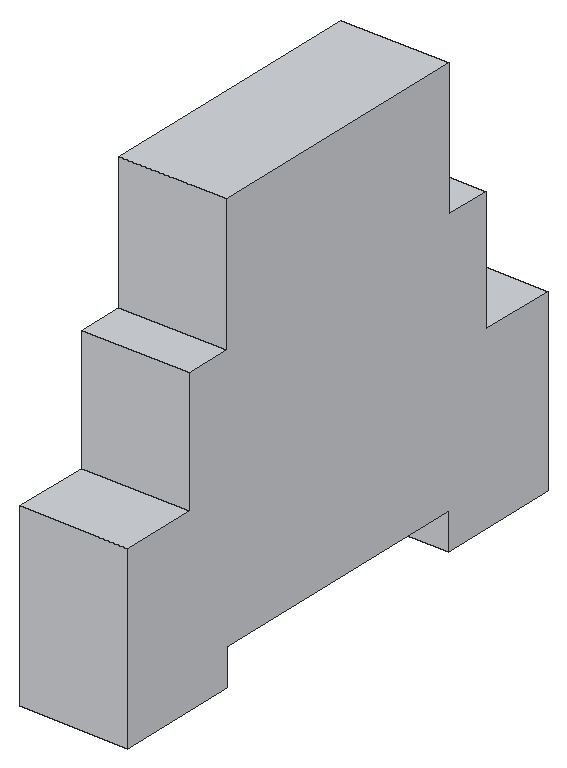
Revit family "Power-ModularDevices-GEWISS-90AM-TIMER", category Apparecchi elettrici, host Superficie, Revit 2016
Family settings
  Host = Superficie
  Mantenere orientamento annotazione = Sì
  Tipo di parte = Normale
  Quota connettore circolare = Usa diametro
  Numero OmniClass = 23.80.50.00
  Titolo OmniClass = Terminals for Power Supply
  Taglio con vuoti quando caricato = No
  Condiviso = No
  Punto di calcolo locali = Sì
Parameters (values of type "GW96815 - ASYMMETRICAL TIMER")
  potenza in watt = 0 V
  carico = Altro
  Version file RFA = "18.0"
  URL = "https://www.gewiss.com/ww/en"
  Type: = "Asymmetric cycle"
  Type of contacts = "1 Changeover"
  Type = "Asymmetric cycle"
  Technical sheet = "https://www.gewiss.com/ww/en/search?q=GW96815"
  TIPO = GENERICO - 90AM TEMPORIZZATORI : GW96815 Temporizzatore a ciclo asimmetrico - 12…240Vac/dc - 1M
  Spostamento_x = -3300 mm
  SS [instance] = 69.967 mm
  SIMBOLO IN PIANTA [instance] = yes
  SEO = "Timer"
  Regulation field: = "0.05 s - 100 h"
  Regulation field = "0.05 s - 100 h"
  Realized by GEWISS S.p.A. = ""
  Rated voltage = ""
  Rated coil voltage (V) = "12....240 ac/dc"
  Default Elevation = 1219.2 mm
  Produttore = "GEWISS S.p.A."
  Numero di poli = 1
  Spost_x_eff [instance] = 4000 mm + Spostamento_x  # 700 mm
  No. of modules EN 50022 = "1"
  No. Chorus modules = "1"
  Modello = "GW96815"
  Immagine tipo = GW96815.jpg
  IFC.TypeObject = ""
  IFC.ExportType = ""
  IFC.ExportAs = ""
  IDT = "bd5a74f1-e94d-4260-9f48-b7ba93ba89da"
  IDF = "10748350-1a66-4b6d-9d19-cdfde2de801f"
  Electrocod = "140"
  EAN code = "8011564760028"
  Descrizione = "ASYMMETRICAL TIMER"
  Contacts = "1 Changeover"
  Contact rating - In = "8A"
  Catalogue Range = "90 AM"
  Catalogue = "POWER"
  COBie.Tagnumber = ""
  COBie.CreatedOn = ""
  COBie.CreatebBy = ""
  COBie.ComponentRegisterItemID = ""
  COBie.Component.TagNumber = ""
  COBie.Component.Space = ""
  COBie.Component.SerialNumber = ""
  COBie.Component.InstallationDate = ""
  COBie.Component.Description = ""
  COBie.Component.BarCode = ""
  Barra_DIN = 0 mm
Reference planes
  plane 1 "Centro (Fronte/Retro)": y = 0
  plane 2: z = 0
  plane 3 "Centro (Sinistra/Destra)": x = 0
  plane 4: z = 0
  plane 5: x = -700
  plane 6: x = 0
  plane 7: y = 69.967
Dimensions and locks
  "Barra_DIN": host face to plane 4
  plane 5 to plane 3 "Centro (Sinistra/Destra)" = 700 mm
  "Spost_x_eff": plane 5 to plane 6
  "SS": plane 1 "Centro (Fronte/Retro)" to plane 7
  aligned and locked: plane 2 to host face
  aligned and locked: level to host face
  aligned and locked: plane 6 to nested 1
  aligned and locked: nested 1 to plane 7
  aligned and locked: plane 3 "Centro (Sinistra/Destra)" to nested 2
  aligned and locked: plane 1 "Centro (Fronte/Retro)" to nested 2
Automatic sketch dimensions
  host sketch curve to host sketch curve = 6519.2 mm
  host sketch curve to host sketch curve = 4328.142 mm
Nested families
  nested 1: "MANOVRA" at (0, 69.967, 0), visible <- "SIMBOLO IN PIANTA", type "MANOVRA"
  nested 2: "GENERICO - 90AM TEMPORIZZATORI" at (0, 0, 0), type <- "TIPO", type "GW96815 Temporizzatore a ciclo asimmetrico - 12…240Vac/dc - 1M"
Definition of nested family "GENERICO - 90AM TEMPORIZZATORI"
  Parameters (values of type "GW96815 Temporizzatore a ciclo asimmetrico - 12…240Vac/dc - 1M")
    h_barra din = if(Altezza barre = 1 mm, 69.9 mm, if(Altezza barre = 2 mm, 115.8 mm, 0 mm))  # 0 mm
    TIPO = 15
    H = if(AB_O = 1, AB_V, if(AB_O = 2, AB_H, 50.8 mm))  # 50.8 mm
    GW96815 = TIPO = 15  # yes
    GW96814 = TIPO = 0  # no
    GW96813 = TIPO = 13  # no
    GW96810 = TIPO = 10  # no
    Dist barra din = 0 mm  # constant formula
    C1 = 49 mm  # constant formula
    C = 65 mm  # constant formula
    B = 85 mm  # constant formula
    Altezza barre = 5 mm  # constant formula
    AB_V = 3 mm  # constant formula
    AB_H = 5 mm  # constant formula
    AB_O = 0  # constant formula
    A2 = 12.5 mm  # constant formula
    A = 17.5 mm  # constant formula
  Types (5, lengths in mm): name | TIPO | GW96815 | GW96813 | GW96810
    GW96815 Temporizzatore a ciclo asimmetrico - 12…240Vac/dc - 1M | 15 | yes | no | no
    GW96809 Temporizzatore luce scale - 230Vac - 1M | 15 | yes | no | no
    GW96814 Temporizzatore multifunzione - 24…240Vac/dc - 1M | 15 | yes | no | no
    GW96813 Temporizzatore luci scale con preavviso di spegnimento - 230Vac - 1M | 13 | no | yes | no
    GW96810 Temporizzatore luce scale - 30s - 20min - 1M | 10 | no | no | yes
  Reference planes
    plane 1 "Centro (Fronte/Retro)": y = 0
    plane 2: z = 0
    plane 3 "Centro (Sinistra/Destra)": x = 0
    plane 4: y = -42.5
    plane 5: y = 42.5
    plane 6: z = 0
    plane 7: z = -6
    plane 8 "top": z = 65
    plane 9 "incasso": z = 43
    plane 10: y = -22.5
    plane 11: y = 22.5
    plane 12: x = -8.75
    plane 13: x = 8.75
    plane 14: through (4267.2, -42.5, 9) normal (0, -0.1901, 0.9818)
    plane 15 "retro": z = 23
    plane 16: y = -30
    plane 17: y = 30
  Forms (mm)
    Extrusion 1, solid
      sketch origin (0, 0, 0) x (0, 1, 0) y (0, 0, 1)
        loop
          line (-22.5, 0) -> (22.5, 0) -> (22.5, -6) -> (42.5, -6) -> (42.5, 23) -> (30, 23) -> (30, 43) -> (22.5, 43) -> (22.5, 65) -> (-22.5, 65) -> (-22.5, 43) -> (-30, 43) -> (-30, 23) -> (-42.5, 23) -> (-42.5, -6) -> (-22.5, -6) -> (-22.5, 0)
      from -8.75 to 8.75
  Lines and regions (mm)
    symbolic lines
      curve 1: line (0, 0, 15) -> (0, 0, -6)
      curve 2: line (0, -22.5, 0) -> (0, 22.5, 0)
    model lines, visible <- "GW96810"
      curve 3: line (7.678, -21.25, 65) -> (-7.822, -21.25, 65)
      curve 4: line (-7.822, -21.25, 65) -> (-7.822, 21.75, 65)
      curve 5: line (-7.822, 21.75, 65) -> (7.678, 21.75, 65)
      curve 6: line (7.678, 21.75, 65) -> (7.678, -21.25, 65)
      curve 7: line (-4.387, 19.297, 65) -> (-4.387, 17.583, 65)
      curve 8: line (-4.387, 17.583, 65) -> (-4.961, 17.583, 65)
      curve 9: line (-4.961, 17.583, 65) -> (-5.294, 17.625, 65)
      curve 10: line (-5.294, 17.625, 65) -> (-5.702, 17.805, 65)
      curve 11: line (-5.702, 17.805, 65) -> (-6.025, 18.106, 65)
      curve 12: line (-6.025, 18.106, 65) -> (-6.239, 18.51, 65)
      curve 13: line (-6.239, 18.51, 65) -> (-6.305, 18.941, 65)
      curve 14: line (-6.305, 18.941, 65) -> (-6.241, 19.338, 65)
      curve 15: line (-6.241, 19.338, 65) -> (-6.069, 19.689, 65)
      curve 16: line (-6.069, 19.689, 65) -> (-5.761, 20.008, 65)
      curve 17: line (-5.761, 20.008, 65) -> (-5.387, 20.203, 65)
      curve 18: line (-5.387, 20.203, 65) -> (-4.967, 20.272, 65)
      curve 19: line (-4.967, 20.272, 65) -> (-4.387, 20.272, 65)
      curve 20: line (-4.387, 20.272, 65) -> (-4.387, 19.533, 65)
      curve 21: line (-4.387, 19.533, 65) -> (-5.362, 19.533, 65)
      curve 22: line (-5.362, 19.533, 65) -> (-5.362, 18.322, 65)
      curve 23: line (-5.362, 18.322, 65) -> (-5.125, 18.322, 65)
      curve 24: line (-5.125, 18.322, 65) -> (-5.125, 19.297, 65)
      curve 25: line (-5.125, 19.297, 65) -> (-4.387, 19.297, 65)
      curve 26: line (-2.068, 17.583, 65) -> (-4.151, 17.583, 65)
      curve 27: line (-4.151, 17.583, 65) -> (-4.151, 20.272, 65)
      curve 28: line (-4.151, 20.272, 65) -> (-3.043, 20.272, 65)
      curve 29: line (-3.043, 20.272, 65) -> (-3.043, 19.533, 65)
      curve 30: line (-3.043, 19.533, 65) -> (-3.413, 19.533, 65)
      curve 31: line (-3.413, 19.533, 65) -> (-3.413, 19.297, 65)
      curve 32: line (-3.413, 19.297, 65) -> (-2.068, 19.297, 65)
      curve 33: line (-2.068, 19.297, 65) -> (-2.068, 18.558, 65)
      curve 34: line (-2.068, 18.558, 65) -> (-3.412, 18.558, 65)
      curve 35: line (-3.412, 18.558, 65) -> (-3.412, 18.322, 65)
      curve 36: line (-3.412, 18.322, 65) -> (-2.068, 18.322, 65)
      curve 37: line (-2.068, 18.322, 65) -> (-2.068, 17.583, 65)
      curve 38: line (1.699, 17.583, 65) -> (1.699, 19.297, 65)
      curve 39: line (1.699, 19.297, 65) -> (0.96, 19.297, 65)
      curve 40: line (0.96, 19.297, 65) -> (0.96, 17.583, 65)
      curve 41: line (0.96, 17.583, 65) -> (1.699, 17.583, 65)
      curve 42: line (-0.775, 17.583, 65) -> (-0.554, 18.691, 65)
      curve 43: line (-0.554, 18.691, 65) -> (-0.332, 17.583, 65)
      curve 44: line (-0.332, 17.583, 65) -> (0.406, 17.583, 65)
      curve 45: line (0.406, 17.583, 65) -> (0.864, 19.533, 65)
      curve 46: line (0.864, 19.533, 65) -> (1.699, 19.533, 65)
      curve 47: line (1.699, 19.533, 65) -> (1.699, 20.272, 65)
      curve 48: line (1.699, 20.272, 65) -> (0.281, 20.272, 65)
      curve 49: line (0.281, 20.272, 65) -> (0.015, 19.134, 65)
      curve 50: line (0.015, 19.134, 65) -> (-0.17, 20.272, 65)
      curve 51: line (-0.17, 20.272, 65) -> (-0.938, 20.272, 65)
      curve 52: line (-0.938, 20.272, 65) -> (-1.123, 19.134, 65)
      curve 53: line (-1.123, 19.134, 65) -> (-1.388, 20.272, 65)
      curve 54: line (-1.388, 20.272, 65) -> (-2.807, 20.272, 65)
      curve 55: line (-2.807, 20.272, 65) -> (-2.807, 19.533, 65)
      curve 56: line (-2.807, 19.533, 65) -> (-1.972, 19.533, 65)
      curve 57: line (-1.972, 19.533, 65) -> (-1.515, 17.583, 65)
      curve 58: line (-1.515, 17.583, 65) -> (-0.775, 17.583, 65)
      curve 59: line (4.018, 20.272, 65) -> (1.935, 20.272, 65)
      curve 60: line (1.935, 20.272, 65) -> (1.935, 18.558, 65)
      curve 61: line (1.935, 18.558, 65) -> (3.28, 18.558, 65)
      curve 62: line (3.28, 18.558, 65) -> (3.28, 18.322, 65)
      curve 63: line (3.28, 18.322, 65) -> (1.935, 18.322, 65)
      curve 64: line (1.935, 18.322, 65) -> (1.935, 17.583, 65)
      curve 65: line (1.935, 17.583, 65) -> (4.018, 17.583, 65)
      curve 66: line (4.018, 17.583, 65) -> (4.018, 19.297, 65)
      curve 67: line (4.018, 19.297, 65) -> (2.674, 19.297, 65)
      curve 68: line (2.674, 19.297, 65) -> (2.674, 19.533, 65)
      curve 69: line (2.674, 19.533, 65) -> (4.018, 19.533, 65)
      curve 70: line (4.018, 19.533, 65) -> (4.018, 20.272, 65)
      curve 71: line (4.255, 20.272, 65) -> (4.255, 18.558, 65)
      curve 72: line (4.255, 18.558, 65) -> (5.508, 18.558, 65)
      curve 73: line (5.508, 18.558, 65) -> (5.508, 18.322, 65)
      curve 74: line (5.508, 18.322, 65) -> (4.255, 18.322, 65)
      curve 75: line (4.255, 18.322, 65) -> (4.255, 17.583, 65)
      curve 76: line (4.255, 17.583, 65) -> (4.993, 17.583, 65)
      curve 77: line (4.993, 17.583, 65) -> (5.42, 17.72, 65)
      curve 78: line (5.42, 17.72, 65) -> (5.695, 17.9, 65)
      curve 79: line (5.695, 17.9, 65) -> (6.01, 18.287, 65)
      curve 80: line (6.01, 18.287, 65) -> (6.157, 18.72, 65)
      curve 81: line (6.157, 18.72, 65) -> (6.161, 19.105, 65)
      curve 82: line (6.161, 19.105, 65) -> (6.121, 19.297, 65)
      curve 83: line (6.121, 19.297, 65) -> (4.993, 19.297, 65)
      curve 84: line (4.993, 19.297, 65) -> (4.993, 19.533, 65)
      curve 85: line (4.993, 19.533, 65) -> (6.02, 19.533, 65)
      curve 86: line (6.02, 19.533, 65) -> (5.887, 19.756, 65)
      curve 87: line (5.887, 19.756, 65) -> (5.695, 19.956, 65)
      curve 88: line (5.695, 19.956, 65) -> (5.427, 20.131, 65)
      curve 89: line (5.427, 20.131, 65) -> (5.148, 20.233, 65)
      curve 90: line (5.148, 20.233, 65) -> (4.834, 20.272, 65)
      curve 91: line (4.834, 20.272, 65) -> (4.255, 20.272, 65)
      curve 436: circle (-3.363, 34.462, 23) r 2 normal (0, 0, 1)
      curve 437: circle (3.423, 34.462, 23) r 2 normal (0, 0, 1)
      curve 438: circle (-3.723, -35.645, 23) r 2 normal (0, 0, 1)
      curve 439: circle (3.063, -35.645, 23) r 2 normal (0, 0, 1)
    model lines, visible <- "GW96814"
      curve 92: line (-4.784, 12.162, 65) -> (-4.784, 17.838, 65)
      curve 93: line (-4.784, 17.838, 65) -> (-2.953, 17.838, 65)
      curve 94: line (-2.953, 17.838, 65) -> (-2.953, 12.162, 65)
      curve 95: line (-2.953, 12.162, 65) -> (-4.784, 12.162, 65)
      curve 96: line (-4.784, -17.838, 65) -> (-4.784, -12.162, 65)
      curve 97: line (-4.784, -12.162, 65) -> (-2.953, -12.162, 65)
      curve 98: line (-2.953, -12.162, 65) -> (-2.953, -17.838, 65)
      curve 99: line (-2.953, -17.838, 65) -> (-4.784, -17.838, 65)
      curve 440: line (3.387, 36.505, 23) -> (4.385, 36.237, 23)
      curve 441: line (4.385, 36.237, 23) -> (5.116, 35.507, 23)
      curve 442: line (5.116, 35.507, 23) -> (5.383, 34.509, 23)
      curve 443: line (5.383, 34.509, 23) -> (5.116, 33.511, 23)
      curve 444: line (5.116, 33.511, 23) -> (4.385, 32.78, 23)
      curve 445: line (4.385, 32.78, 23) -> (3.387, 32.513, 23)
      curve 446: line (3.387, 32.513, 23) -> (2.389, 32.78, 23)
      curve 447: line (2.389, 32.78, 23) -> (1.658, 33.511, 23)
      curve 448: line (1.658, 33.511, 23) -> (1.391, 34.509, 23)
      curve 449: line (1.391, 34.509, 23) -> (1.658, 35.507, 23)
      curve 450: line (1.658, 35.507, 23) -> (2.389, 36.237, 23)
      curve 451: line (2.389, 36.237, 23) -> (3.387, 36.505, 23)
      curve 452: line (-3.778, -37.729, 23) -> (-2.78, -37.462, 23)
      curve 453: line (-2.78, -37.462, 23) -> (-2.049, -36.731, 23)
      curve 454: line (-2.049, -36.731, 23) -> (-1.782, -35.733, 23)
      curve 455: line (-1.782, -35.733, 23) -> (-2.049, -34.735, 23)
      curve 456: line (-2.049, -34.735, 23) -> (-2.78, -34.005, 23)
      curve 457: line (-2.78, -34.005, 23) -> (-3.778, -33.737, 23)
      curve 458: line (-3.778, -33.737, 23) -> (-4.776, -34.005, 23)
      curve 459: line (-4.776, -34.005, 23) -> (-5.506, -34.735, 23)
      curve 460: line (-5.506, -34.735, 23) -> (-5.774, -35.733, 23)
      curve 461: line (-5.774, -35.733, 23) -> (-5.506, -36.731, 23)
      curve 462: line (-5.506, -36.731, 23) -> (-4.776, -37.462, 23)
      curve 463: line (-4.776, -37.462, 23) -> (-3.778, -37.729, 23)
      curve 464: line (3.008, -37.729, 23) -> (4.006, -37.462, 23)
      curve 465: line (4.006, -37.462, 23) -> (4.736, -36.731, 23)
      curve 466: line (4.736, -36.731, 23) -> (5.004, -35.733, 23)
      curve 467: line (5.004, -35.733, 23) -> (4.736, -34.735, 23)
      curve 468: line (4.736, -34.735, 23) -> (4.006, -34.005, 23)
      curve 469: line (4.006, -34.005, 23) -> (3.008, -33.737, 23)
      curve 470: line (3.008, -33.737, 23) -> (2.01, -34.005, 23)
      curve 471: line (2.01, -34.005, 23) -> (1.279, -34.735, 23)
      curve 472: line (1.279, -34.735, 23) -> (1.012, -35.733, 23)
      curve 473: line (1.012, -35.733, 23) -> (1.279, -36.731, 23)
      curve 474: line (1.279, -36.731, 23) -> (2.01, -37.462, 23)
      curve 475: line (2.01, -37.462, 23) -> (3.008, -37.729, 23)
      curve 512: line (-3.383, 36.468, 23) -> (-2.385, 36.201, 23)
      curve 513: line (-2.385, 36.201, 23) -> (-1.655, 35.47, 23)
      curve 514: line (-1.655, 35.47, 23) -> (-1.387, 34.472, 23)
      curve 515: line (-1.387, 34.472, 23) -> (-1.655, 33.474, 23)
      curve 516: line (-1.655, 33.474, 23) -> (-2.385, 32.743, 23)
      curve 517: line (-2.385, 32.743, 23) -> (-3.383, 32.476, 23)
      curve 518: line (-3.383, 32.476, 23) -> (-4.381, 32.743, 23)
      curve 519: line (-4.381, 32.743, 23) -> (-5.112, 33.474, 23)
      curve 520: line (-5.112, 33.474, 23) -> (-5.379, 34.472, 23)
      curve 521: line (-5.379, 34.472, 23) -> (-5.112, 35.47, 23)
      curve 522: line (-5.112, 35.47, 23) -> (-4.381, 36.201, 23)
      curve 523: line (-4.381, 36.201, 23) -> (-3.383, 36.468, 23)
    model lines, visible <- "GW96815"
      curve 100: line (-4.845, 12.067, 65) -> (-4.845, 17.742, 65)
      curve 101: line (-4.845, 17.742, 65) -> (-3.014, 17.742, 65)
      curve 102: line (-3.014, 17.742, 65) -> (-3.014, 12.067, 65)
      curve 103: line (-3.014, 12.067, 65) -> (-4.845, 12.067, 65)
      curve 104: line (-4.845, -17.933, 65) -> (-4.845, -12.258, 65)
      curve 105: line (-4.845, -12.258, 65) -> (-3.014, -12.258, 65)
      curve 106: line (-3.014, -12.258, 65) -> (-3.014, -17.933, 65)
      curve 107: line (-3.014, -17.933, 65) -> (-4.845, -17.933, 65)
      curve 108: line (1.352, 18.253, 65) -> (3.032, 17.803, 65)
      curve 109: line (3.032, 17.803, 65) -> (4.262, 16.573, 65)
      curve 110: line (4.262, 16.573, 65) -> (4.712, 14.893, 65)
      curve 111: line (4.712, 14.893, 65) -> (4.262, 13.213, 65)
      curve 112: line (4.262, 13.213, 65) -> (3.032, 11.983, 65)
      curve 113: line (3.032, 11.983, 65) -> (1.352, 11.533, 65)
      curve 114: line (1.352, 11.533, 65) -> (-0.328, 11.983, 65)
      curve 115: line (-0.328, 11.983, 65) -> (-1.558, 13.213, 65)
      curve 116: line (-1.558, 13.213, 65) -> (-2.008, 14.893, 65)
      curve 117: line (-2.008, 14.893, 65) -> (-1.558, 16.573, 65)
      curve 118: line (-1.558, 16.573, 65) -> (-0.328, 17.803, 65)
      curve 119: line (-0.328, 17.803, 65) -> (1.352, 18.253, 65)
      curve 120: line (-2.008, 4.941, 65) -> (-1.558, 6.621, 65)
      curve 121: line (-1.558, 6.621, 65) -> (-0.328, 7.851, 65)
      curve 122: line (-0.328, 7.851, 65) -> (1.352, 8.301, 65)
      curve 123: line (1.352, 8.301, 65) -> (3.032, 7.851, 65)
      curve 124: line (3.032, 7.851, 65) -> (4.262, 6.621, 65)
      curve 125: line (4.262, 6.621, 65) -> (4.712, 4.941, 65)
      curve 126: line (4.712, 4.941, 65) -> (4.262, 3.261, 65)
      curve 127: line (4.262, 3.261, 65) -> (3.032, 2.031, 65)
      curve 128: line (3.032, 2.031, 65) -> (1.352, 1.581, 65)
      curve 129: line (1.352, 1.581, 65) -> (-0.328, 2.031, 65)
      curve 130: line (-0.328, 2.031, 65) -> (-1.558, 3.261, 65)
      curve 131: line (-1.558, 3.261, 65) -> (-2.008, 4.941, 65)
      curve 132: line (-2.008, -15.059, 65) -> (-1.558, -13.379, 65)
      curve 133: line (-1.558, -13.379, 65) -> (-0.328, -12.149, 65)
      curve 134: line (-0.328, -12.149, 65) -> (1.352, -11.699, 65)
      curve 135: line (1.352, -11.699, 65) -> (3.032, -12.149, 65)
      curve 136: line (3.032, -12.149, 65) -> (4.262, -13.379, 65)
      curve 137: line (4.262, -13.379, 65) -> (4.712, -15.059, 65)
      curve 138: line (4.712, -15.059, 65) -> (4.262, -16.739, 65)
      curve 139: line (4.262, -16.739, 65) -> (3.032, -17.969, 65)
      curve 140: line (3.032, -17.969, 65) -> (1.352, -18.419, 65)
      curve 141: line (1.352, -18.419, 65) -> (-0.328, -17.969, 65)
      curve 142: line (-0.328, -17.969, 65) -> (-1.558, -16.739, 65)
      curve 143: line (-1.558, -16.739, 65) -> (-2.008, -15.059, 65)
      curve 144: line (-2.008, -5.132, 65) -> (-1.558, -6.812, 65)
      curve 145: line (-1.558, -6.812, 65) -> (-0.328, -8.042, 65)
      curve 146: line (-0.328, -8.042, 65) -> (1.352, -8.493, 65)
      curve 147: line (1.352, -8.493, 65) -> (3.032, -8.042, 65)
      curve 148: line (3.032, -8.042, 65) -> (4.262, -6.812, 65)
      curve 149: line (4.262, -6.812, 65) -> (4.712, -5.132, 65)
      curve 150: line (4.712, -5.132, 65) -> (4.262, -3.452, 65)
      curve 151: line (4.262, -3.452, 65) -> (3.032, -2.222, 65)
      curve 152: line (3.032, -2.222, 65) -> (1.352, -1.772, 65)
      curve 153: line (1.352, -1.772, 65) -> (-0.328, -2.222, 65)
      curve 154: line (-0.328, -2.222, 65) -> (-1.558, -3.452, 65)
      curve 155: line (-1.558, -3.452, 65) -> (-2.008, -5.132, 65)
      curve 476: line (3.387, 36.505, 23) -> (4.385, 36.237, 23)
      curve 477: line (4.385, 36.237, 23) -> (5.116, 35.507, 23)
      curve 478: line (5.116, 35.507, 23) -> (5.383, 34.509, 23)
      curve 479: line (5.383, 34.509, 23) -> (5.116, 33.511, 23)
      curve 480: line (5.116, 33.511, 23) -> (4.385, 32.78, 23)
      curve 481: line (4.385, 32.78, 23) -> (3.387, 32.513, 23)
      curve 482: line (3.387, 32.513, 23) -> (2.389, 32.78, 23)
      curve 483: line (2.389, 32.78, 23) -> (1.658, 33.511, 23)
      curve 484: line (1.658, 33.511, 23) -> (1.391, 34.509, 23)
      curve 485: line (1.391, 34.509, 23) -> (1.658, 35.507, 23)
      curve 486: line (1.658, 35.507, 23) -> (2.389, 36.237, 23)
      curve 487: line (2.389, 36.237, 23) -> (3.387, 36.505, 23)
      curve 488: line (-2.78, -37.462, 23) -> (-2.049, -36.731, 23)
      curve 489: line (-2.049, -36.731, 23) -> (-1.782, -35.733, 23)
      curve 490: line (-1.782, -35.733, 23) -> (-2.049, -34.735, 23)
      curve 491: line (-2.049, -34.735, 23) -> (-2.78, -34.005, 23)
      curve 492: line (-2.78, -34.005, 23) -> (-3.778, -33.737, 23)
      curve 493: line (-3.778, -33.737, 23) -> (-4.776, -34.005, 23)
      curve 494: line (-4.776, -34.005, 23) -> (-5.506, -34.735, 23)
      curve 495: line (-5.506, -34.735, 23) -> (-5.774, -35.733, 23)
      curve 496: line (-5.774, -35.733, 23) -> (-5.506, -36.731, 23)
      curve 497: line (-5.506, -36.731, 23) -> (-4.776, -37.462, 23)
      curve 498: line (-4.776, -37.462, 23) -> (-3.778, -37.729, 23)
      curve 499: line (-3.778, -37.729, 23) -> (-2.78, -37.462, 23)
      curve 500: line (3.008, -37.729, 23) -> (4.006, -37.462, 23)
      curve 501: line (4.006, -37.462, 23) -> (4.736, -36.731, 23)
      curve 502: line (4.736, -36.731, 23) -> (5.004, -35.733, 23)
      curve 503: line (5.004, -35.733, 23) -> (4.736, -34.735, 23)
      curve 504: line (4.736, -34.735, 23) -> (4.006, -34.005, 23)
      curve 505: line (4.006, -34.005, 23) -> (3.008, -33.737, 23)
      curve 506: line (3.008, -33.737, 23) -> (2.01, -34.005, 23)
      curve 507: line (2.01, -34.005, 23) -> (1.279, -34.735, 23)
      curve 508: line (1.279, -34.735, 23) -> (1.012, -35.733, 23)
      curve 509: line (1.012, -35.733, 23) -> (1.279, -36.731, 23)
      curve 510: line (1.279, -36.731, 23) -> (2.01, -37.462, 23)
      curve 511: line (2.01, -37.462, 23) -> (3.008, -37.729, 23)
      curve 524: line (-3.383, 36.468, 23) -> (-2.385, 36.201, 23)
      curve 525: line (-2.385, 36.201, 23) -> (-1.655, 35.47, 23)
      curve 526: line (-1.655, 35.47, 23) -> (-1.387, 34.472, 23)
      curve 527: line (-1.387, 34.472, 23) -> (-1.655, 33.474, 23)
      curve 528: line (-1.655, 33.474, 23) -> (-2.385, 32.743, 23)
      curve 529: line (-2.385, 32.743, 23) -> (-3.383, 32.476, 23)
      curve 530: line (-3.383, 32.476, 23) -> (-4.381, 32.743, 23)
      curve 531: line (-4.381, 32.743, 23) -> (-5.112, 33.474, 23)
      curve 532: line (-5.112, 33.474, 23) -> (-5.379, 34.472, 23)
      curve 533: line (-5.379, 34.472, 23) -> (-5.112, 35.47, 23)
      curve 534: line (-5.112, 35.47, 23) -> (-4.381, 36.201, 23)
      curve 535: line (-4.381, 36.201, 23) -> (-3.383, 36.468, 23)
    model lines, visible <- "GW96810", not visible
      curve 156: circle (39.315, -11.642, 65) r 3.397 normal (0, 0, 1)
      curve 157: line (39.989, -9.925, 65) -> (37.628, -9.757, 65)
      curve 158: line (37.628, -9.757, 65) -> (37.797, -12.118, 65)
      curve 159: line (37.797, -12.118, 65) -> (39.989, -9.925, 65)
      curve 160: line (39.204, -10.711, 65) -> (41.666, -13.172, 65)
      curve 161: line (41.666, -13.172, 65) -> (41.043, -13.795, 65)
      curve 162: line (41.043, -13.795, 65) -> (38.582, -11.333, 65)
      curve 163: line (35.573, 5.976, 65) -> (43.073, 5.976, 65)
      curve 164: line (43.073, 5.976, 65) -> (43.073, -1.524, 65)
      curve 165: line (43.073, -1.524, 65) -> (35.573, -1.524, 65)
      curve 166: line (35.573, -1.524, 65) -> (35.573, 5.976, 65)
      curve 167: line (47.203, -21.5, 65) -> (31.703, -21.5, 65)
      curve 168: line (31.703, -21.5, 65) -> (31.703, 21.5, 65)
      curve 169: line (31.703, 21.5, 65) -> (47.203, 21.5, 65)
      curve 170: line (47.203, 21.5, 65) -> (47.203, -21.5, 65)
      curve 171: line (35.138, 19.047, 65) -> (35.138, 17.333, 65)
      curve 172: line (35.138, 17.333, 65) -> (34.564, 17.333, 65)
      curve 173: line (34.564, 17.333, 65) -> (34.232, 17.375, 65)
      curve 174: line (34.232, 17.375, 65) -> (33.824, 17.555, 65)
      curve 175: line (33.824, 17.555, 65) -> (33.501, 17.856, 65)
      curve 176: line (33.501, 17.856, 65) -> (33.287, 18.26, 65)
      curve 177: line (33.287, 18.26, 65) -> (33.22, 18.691, 65)
      curve 178: line (33.22, 18.691, 65) -> (33.284, 19.088, 65)
      curve 179: line (33.284, 19.088, 65) -> (33.456, 19.439, 65)
      curve 180: line (33.456, 19.439, 65) -> (33.765, 19.758, 65)
      curve 181: line (33.765, 19.758, 65) -> (34.139, 19.953, 65)
      curve 182: line (34.139, 19.953, 65) -> (34.559, 20.022, 65)
      curve 183: line (34.559, 20.022, 65) -> (35.138, 20.022, 65)
      curve 184: line (35.138, 20.022, 65) -> (35.138, 19.283, 65)
      curve 185: line (35.138, 19.283, 65) -> (34.163, 19.283, 65)
      curve 186: line (34.163, 19.283, 65) -> (34.163, 18.072, 65)
      curve 187: line (34.163, 18.072, 65) -> (34.401, 18.072, 65)
      curve 188: line (34.401, 18.072, 65) -> (34.401, 19.047, 65)
      curve 189: line (34.401, 19.047, 65) -> (35.138, 19.047, 65)
      curve 190: line (37.458, 17.333, 65) -> (35.375, 17.333, 65)
      curve 191: line (35.375, 17.333, 65) -> (35.375, 20.022, 65)
      curve 192: line (35.375, 20.022, 65) -> (36.483, 20.022, 65)
      curve 193: line (36.483, 20.022, 65) -> (36.483, 19.283, 65)
      curve 194: line (36.483, 19.283, 65) -> (36.113, 19.283, 65)
      curve 195: line (36.113, 19.283, 65) -> (36.113, 19.047, 65)
      curve 196: line (36.113, 19.047, 65) -> (37.458, 19.047, 65)
      curve 197: line (37.458, 19.047, 65) -> (37.458, 18.308, 65)
      curve 198: line (37.458, 18.308, 65) -> (36.114, 18.308, 65)
      curve 199: line (36.114, 18.308, 65) -> (36.114, 18.072, 65)
      curve 200: line (36.114, 18.072, 65) -> (37.458, 18.072, 65)
      curve 201: line (37.458, 18.072, 65) -> (37.458, 17.333, 65)
      curve 202: line (41.225, 17.333, 65) -> (41.225, 19.047, 65)
      curve 203: line (41.225, 19.047, 65) -> (40.486, 19.047, 65)
      curve 204: line (40.486, 19.047, 65) -> (40.486, 17.333, 65)
      curve 205: line (40.486, 17.333, 65) -> (41.225, 17.333, 65)
      curve 206: line (38.75, 17.333, 65) -> (38.972, 18.441, 65)
      curve 207: line (38.972, 18.441, 65) -> (39.193, 17.333, 65)
      curve 208: line (39.193, 17.333, 65) -> (39.932, 17.333, 65)
      curve 209: line (39.932, 17.333, 65) -> (40.39, 19.283, 65)
      curve 210: line (40.39, 19.283, 65) -> (41.225, 19.283, 65)
      curve 211: line (41.225, 19.283, 65) -> (41.225, 20.022, 65)
      curve 212: line (41.225, 20.022, 65) -> (39.806, 20.022, 65)
      curve 213: line (39.806, 20.022, 65) -> (39.541, 18.884, 65)
      curve 214: line (39.541, 18.884, 65) -> (39.356, 20.022, 65)
      curve 215: line (39.356, 20.022, 65) -> (38.588, 20.022, 65)
      curve 216: line (38.588, 20.022, 65) -> (38.403, 18.884, 65)
      curve 217: line (38.403, 18.884, 65) -> (38.137, 20.022, 65)
      curve 218: line (38.137, 20.022, 65) -> (36.719, 20.022, 65)
      curve 219: line (36.719, 20.022, 65) -> (36.719, 19.283, 65)
      curve 220: line (36.719, 19.283, 65) -> (37.554, 19.283, 65)
      curve 221: line (37.554, 19.283, 65) -> (38.011, 17.333, 65)
      curve 222: line (38.011, 17.333, 65) -> (38.75, 17.333, 65)
      curve 223: line (43.544, 20.022, 65) -> (41.461, 20.022, 65)
      curve 224: line (41.461, 20.022, 65) -> (41.461, 18.308, 65)
      curve 225: line (41.461, 18.308, 65) -> (42.805, 18.308, 65)
      curve 226: line (42.805, 18.308, 65) -> (42.805, 18.072, 65)
      curve 227: line (42.805, 18.072, 65) -> (41.461, 18.072, 65)
      curve 228: line (41.461, 18.072, 65) -> (41.461, 17.333, 65)
      curve 229: line (41.461, 17.333, 65) -> (43.544, 17.333, 65)
      curve 230: line (43.544, 17.333, 65) -> (43.544, 19.047, 65)
      curve 231: line (43.544, 19.047, 65) -> (42.2, 19.047, 65)
      curve 232: line (42.2, 19.047, 65) -> (42.2, 19.283, 65)
      curve 233: line (42.2, 19.283, 65) -> (43.544, 19.283, 65)
      curve 234: line (43.544, 19.283, 65) -> (43.544, 20.022, 65)
      curve 235: line (43.78, 20.022, 65) -> (43.78, 18.308, 65)
      curve 236: line (43.78, 18.308, 65) -> (45.034, 18.308, 65)
      curve 237: line (45.034, 18.308, 65) -> (45.034, 18.072, 65)
      curve 238: line (45.034, 18.072, 65) -> (43.78, 18.072, 65)
      curve 239: line (43.78, 18.072, 65) -> (43.78, 17.333, 65)
      curve 240: line (43.78, 17.333, 65) -> (44.519, 17.333, 65)
      curve 241: line (44.519, 17.333, 65) -> (44.945, 17.47, 65)
      curve 242: line (44.945, 17.47, 65) -> (45.221, 17.65, 65)
      curve 243: line (45.221, 17.65, 65) -> (45.536, 18.037, 65)
      curve 244: line (45.536, 18.037, 65) -> (45.682, 18.47, 65)
      curve 245: line (45.682, 18.47, 65) -> (45.687, 18.855, 65)
      curve 246: line (45.687, 18.855, 65) -> (45.647, 19.047, 65)
      curve 247: line (45.647, 19.047, 65) -> (44.519, 19.047, 65)
      curve 248: line (44.519, 19.047, 65) -> (44.519, 19.283, 65)
      curve 249: line (44.519, 19.283, 65) -> (45.546, 19.283, 65)
      curve 250: line (45.546, 19.283, 65) -> (45.413, 19.506, 65)
      curve 251: line (45.413, 19.506, 65) -> (45.221, 19.706, 65)
      curve 252: line (45.221, 19.706, 65) -> (44.953, 19.881, 65)
      curve 253: line (44.953, 19.881, 65) -> (44.674, 19.983, 65)
      curve 254: line (44.674, 19.983, 65) -> (44.36, 20.022, 65)
      curve 255: line (44.36, 20.022, 65) -> (43.78, 20.022, 65)
    model lines, visible <- "GW96813", not visible
      curve 256: circle (75.547, 75.845, 65) r 3.397 normal (0, 0, 1)
      curve 257: line (71.155, 106.621, 65) -> (71.155, 104.859, 65)
      curve 258: line (71.155, 104.859, 65) -> (70.565, 104.859, 65)
      curve 259: line (70.565, 104.859, 65) -> (70.222, 104.902, 65)
      curve 260: line (70.222, 104.902, 65) -> (69.803, 105.087, 65)
      curve 261: line (69.803, 105.087, 65) -> (69.47, 105.396, 65)
      curve 262: line (69.47, 105.396, 65) -> (69.25, 105.812, 65)
      curve 263: line (69.25, 105.812, 65) -> (69.182, 106.255, 65)
      curve 264: line (69.182, 106.255, 65) -> (69.248, 106.664, 65)
      curve 265: line (69.248, 106.664, 65) -> (69.425, 107.025, 65)
      curve 266: line (69.425, 107.025, 65) -> (69.742, 107.354, 65)
      curve 267: line (69.742, 107.354, 65) -> (70.127, 107.553, 65)
      curve 268: line (70.127, 107.553, 65) -> (70.559, 107.625, 65)
      curve 269: line (70.559, 107.625, 65) -> (71.155, 107.625, 65)
      curve 270: line (71.155, 107.625, 65) -> (71.155, 106.865, 65)
      curve 271: line (71.155, 106.865, 65) -> (70.152, 106.865, 65)
      curve 272: line (70.152, 106.865, 65) -> (70.152, 105.619, 65)
      curve 273: line (70.152, 105.619, 65) -> (70.396, 105.619, 65)
      curve 274: line (70.396, 105.619, 65) -> (70.396, 106.621, 65)
      curve 275: line (70.396, 106.621, 65) -> (71.155, 106.621, 65)
      curve 276: line (73.541, 104.859, 65) -> (71.398, 104.859, 65)
      curve 277: line (71.398, 104.859, 65) -> (71.398, 107.625, 65)
      curve 278: line (71.398, 107.625, 65) -> (72.538, 107.625, 65)
      curve 279: line (72.538, 107.625, 65) -> (72.538, 106.865, 65)
      curve 280: line (72.538, 106.865, 65) -> (72.158, 106.865, 65)
      curve 281: line (72.158, 106.865, 65) -> (72.158, 106.622, 65)
      curve 282: line (72.158, 106.622, 65) -> (73.541, 106.622, 65)
      curve 283: line (73.541, 106.622, 65) -> (73.541, 105.862, 65)
      curve 284: line (73.541, 105.862, 65) -> (72.158, 105.862, 65)
      curve 285: line (72.158, 105.862, 65) -> (72.158, 105.619, 65)
      curve 286: line (72.158, 105.619, 65) -> (73.541, 105.619, 65)
      curve 287: line (73.541, 105.619, 65) -> (73.541, 104.859, 65)
      curve 288: line (77.416, 104.859, 65) -> (77.416, 106.622, 65)
      curve 289: line (77.416, 106.622, 65) -> (76.656, 106.622, 65)
      curve 290: line (76.656, 106.622, 65) -> (76.656, 104.859, 65)
      curve 291: line (76.656, 104.859, 65) -> (77.416, 104.859, 65)
      curve 292: line (74.871, 104.859, 65) -> (75.099, 105.999, 65)
      curve 293: line (75.099, 105.999, 65) -> (75.327, 104.859, 65)
      curve 294: line (75.327, 104.859, 65) -> (76.086, 104.859, 65)
      curve 295: line (76.086, 104.859, 65) -> (76.557, 106.865, 65)
      curve 296: line (76.557, 106.865, 65) -> (77.416, 106.865, 65)
      curve 297: line (77.416, 106.865, 65) -> (77.416, 107.625, 65)
      curve 298: line (77.416, 107.625, 65) -> (75.957, 107.625, 65)
      curve 299: line (75.957, 107.625, 65) -> (75.684, 106.454, 65)
      curve 300: line (75.684, 106.454, 65) -> (75.494, 107.625, 65)
      curve 301: line (75.494, 107.625, 65) -> (74.704, 107.625, 65)
      curve 302: line (74.704, 107.625, 65) -> (74.514, 106.454, 65)
      curve 303: line (74.514, 106.454, 65) -> (74.24, 107.625, 65)
      curve 304: line (74.24, 107.625, 65) -> (72.781, 107.625, 65)
      curve 305: line (72.781, 107.625, 65) -> (72.781, 106.865, 65)
      curve 306: line (72.781, 106.865, 65) -> (73.64, 106.865, 65)
      curve 307: line (73.64, 106.865, 65) -> (74.11, 104.859, 65)
      curve 308: line (74.11, 104.859, 65) -> (74.871, 104.859, 65)
      curve 309: line (79.802, 107.625, 65) -> (77.659, 107.625, 65)
      curve 310: line (77.659, 107.625, 65) -> (77.659, 105.862, 65)
      curve 311: line (77.659, 105.862, 65) -> (79.042, 105.862, 65)
      curve 312: line (79.042, 105.862, 65) -> (79.042, 105.619, 65)
      curve 313: line (79.042, 105.619, 65) -> (77.659, 105.619, 65)
      curve 314: line (77.659, 105.619, 65) -> (77.659, 104.859, 65)
      curve 315: line (77.659, 104.859, 65) -> (79.802, 104.859, 65)
      curve 316: line (79.802, 104.859, 65) -> (79.802, 106.622, 65)
      curve 317: line (79.802, 106.622, 65) -> (78.419, 106.622, 65)
      curve 318: line (78.419, 106.622, 65) -> (78.419, 106.865, 65)
      curve 319: line (78.419, 106.865, 65) -> (79.802, 106.865, 65)
      curve 320: line (79.802, 106.865, 65) -> (79.802, 107.625, 65)
      curve 321: line (80.045, 107.625, 65) -> (80.045, 105.862, 65)
      curve 322: line (80.045, 105.862, 65) -> (81.335, 105.862, 65)
      curve 323: line (81.335, 105.862, 65) -> (81.335, 105.619, 65)
      curve 324: line (81.335, 105.619, 65) -> (80.045, 105.619, 65)
      curve 325: line (80.045, 105.619, 65) -> (80.045, 104.859, 65)
      curve 326: line (80.045, 104.859, 65) -> (80.805, 104.859, 65)
      curve 327: line (80.805, 104.859, 65) -> (81.244, 105, 65)
      curve 328: line (81.244, 105, 65) -> (81.527, 105.184, 65)
      curve 329: line (81.527, 105.184, 65) -> (81.851, 105.582, 65)
      curve 330: line (81.851, 105.582, 65) -> (82.002, 106.029, 65)
      curve 331: line (82.002, 106.029, 65) -> (82.006, 106.425, 65)
      curve 332: line (82.006, 106.425, 65) -> (81.965, 106.622, 65)
      curve 333: line (81.965, 106.622, 65) -> (80.805, 106.622, 65)
      curve 334: line (80.805, 106.622, 65) -> (80.805, 106.865, 65)
      curve 335: line (80.805, 106.865, 65) -> (81.862, 106.865, 65)
      curve 336: line (81.862, 106.865, 65) -> (81.724, 107.094, 65)
      curve 337: line (81.724, 107.094, 65) -> (81.527, 107.299, 65)
      curve 338: line (81.527, 107.299, 65) -> (81.252, 107.48, 65)
      curve 339: line (81.252, 107.48, 65) -> (80.964, 107.585, 65)
      curve 340: line (80.964, 107.585, 65) -> (80.641, 107.625, 65)
      curve 341: line (80.641, 107.625, 65) -> (80.045, 107.625, 65)
      curve 342: line (76.221, 77.561, 65) -> (73.86, 77.73, 65)
      curve 343: line (73.86, 77.73, 65) -> (74.028, 75.368, 65)
      curve 344: line (74.028, 75.368, 65) -> (76.221, 77.561, 65)
      curve 345: line (75.436, 76.776, 65) -> (77.898, 74.314, 65)
      curve 346: line (77.898, 74.314, 65) -> (77.275, 73.692, 65)
      curve 347: line (77.275, 73.692, 65) -> (74.814, 76.154, 65)
      curve 348: line (71.805, 93.463, 65) -> (79.305, 93.463, 65)
      curve 349: line (79.305, 93.463, 65) -> (79.305, 85.963, 65)
      curve 350: line (79.305, 85.963, 65) -> (71.805, 85.963, 65)
      curve 351: line (71.805, 85.963, 65) -> (71.805, 93.463, 65)
      curve 352: line (83.435, 65.987, 65) -> (67.935, 65.987, 65)
      curve 353: line (67.935, 65.987, 65) -> (67.935, 108.987, 65)
      curve 354: line (67.935, 108.987, 65) -> (83.435, 108.987, 65)
      curve 355: line (83.435, 108.987, 65) -> (83.435, 65.987, 65)
    model lines, visible <- "GW96815", not visible
      curve 356: line (151.162, 97.404, 65) -> (148.886, 96.753, 65)
      curve 357: line (148.886, 96.753, 65) -> (149.853, 94.593, 65)
      curve 358: line (149.853, 94.593, 65) -> (151.162, 97.404, 65)
      curve 359: line (150.693, 96.397, 65) -> (153.85, 94.928, 65)
      curve 360: line (153.85, 94.928, 65) -> (153.478, 94.13, 65)
      curve 361: line (153.478, 94.13, 65) -> (150.322, 95.599, 65)
      curve 362: line (152.018, 103.952, 65) -> (153.644, 105.673, 65)
      curve 363: line (153.644, 105.673, 65) -> (151.71, 107.038, 65)
      curve 364: line (151.71, 107.038, 65) -> (152.018, 103.952, 65)
      curve 365: line (151.908, 105.057, 65) -> (148.443, 104.711, 65)
      curve 366: line (148.443, 104.711, 65) -> (148.356, 105.587, 65)
      curve 367: line (148.356, 105.587, 65) -> (151.82, 105.933, 65)
      curve 368: line (149.709, 74.37, 65) -> (151.709, 73.102, 65)
      curve 369: line (151.709, 73.102, 65) -> (152.68, 75.26, 65)
      curve 370: line (152.68, 75.26, 65) -> (149.709, 74.37, 65)
      curve 371: line (150.773, 74.689, 65) -> (149.773, 78.023, 65)
      curve 372: line (149.773, 78.023, 65) -> (150.616, 78.276, 65)
      curve 373: line (150.616, 78.276, 65) -> (151.616, 74.941, 65)
      curve 374: line (144.902, 102.723, 65) -> (144.902, 108.399, 65)
      curve 375: line (144.902, 108.399, 65) -> (146.733, 108.399, 65)
      curve 376: line (146.733, 108.399, 65) -> (146.733, 102.723, 65)
      curve 377: line (146.733, 102.723, 65) -> (144.902, 102.723, 65)
      curve 378: line (144.902, 72.723, 65) -> (144.902, 78.399, 65)
      curve 379: line (144.902, 78.399, 65) -> (146.733, 78.399, 65)
      curve 380: line (146.733, 78.399, 65) -> (146.733, 72.723, 65)
      curve 381: line (146.733, 72.723, 65) -> (144.902, 72.723, 65)
      curve 382: line (151.099, 108.91, 65) -> (152.78, 108.459, 65)
      curve 383: line (152.78, 108.459, 65) -> (154.01, 107.229, 65)
      curve 384: line (154.01, 107.229, 65) -> (154.46, 105.549, 65)
      curve 385: line (154.46, 105.549, 65) -> (154.01, 103.869, 65)
      curve 386: line (154.01, 103.869, 65) -> (152.78, 102.639, 65)
      curve 387: line (152.78, 102.639, 65) -> (151.099, 102.189, 65)
      curve 388: line (151.099, 102.189, 65) -> (149.419, 102.639, 65)
      curve 389: line (149.419, 102.639, 65) -> (148.189, 103.869, 65)
      curve 390: line (148.189, 103.869, 65) -> (147.739, 105.549, 65)
      curve 391: line (147.739, 105.549, 65) -> (148.189, 107.229, 65)
      curve 392: line (148.189, 107.229, 65) -> (149.419, 108.459, 65)
      curve 393: line (149.419, 108.459, 65) -> (151.099, 108.91, 65)
      curve 394: line (147.739, 95.598, 65) -> (148.189, 97.278, 65)
      curve 395: line (148.189, 97.278, 65) -> (149.419, 98.508, 65)
      curve 396: line (149.419, 98.508, 65) -> (151.099, 98.958, 65)
      curve 397: line (151.099, 98.958, 65) -> (152.78, 98.508, 65)
      curve 398: line (152.78, 98.508, 65) -> (154.01, 97.278, 65)
      curve 399: line (154.01, 97.278, 65) -> (154.46, 95.598, 65)
      curve 400: line (154.46, 95.598, 65) -> (154.01, 93.918, 65)
      curve 401: line (154.01, 93.918, 65) -> (152.78, 92.688, 65)
      curve 402: line (152.78, 92.688, 65) -> (151.099, 92.237, 65)
      curve 403: line (151.099, 92.237, 65) -> (149.419, 92.688, 65)
      curve 404: line (149.419, 92.688, 65) -> (148.189, 93.918, 65)
      curve 405: line (148.189, 93.918, 65) -> (147.739, 95.598, 65)
      curve 406: line (147.739, 75.598, 65) -> (148.189, 77.278, 65)
      curve 407: line (148.189, 77.278, 65) -> (149.419, 78.508, 65)
      curve 408: line (149.419, 78.508, 65) -> (151.099, 78.958, 65)
      curve 409: line (151.099, 78.958, 65) -> (152.78, 78.508, 65)
      curve 410: line (152.78, 78.508, 65) -> (154.01, 77.278, 65)
      curve 411: line (154.01, 77.278, 65) -> (154.46, 75.598, 65)
      curve 412: line (154.46, 75.598, 65) -> (154.01, 73.918, 65)
      curve 413: line (154.01, 73.918, 65) -> (152.78, 72.688, 65)
      curve 414: line (152.78, 72.688, 65) -> (151.099, 72.237, 65)
      curve 415: line (151.099, 72.237, 65) -> (149.419, 72.688, 65)
      curve 416: line (149.419, 72.688, 65) -> (148.189, 73.918, 65)
      curve 417: line (148.189, 73.918, 65) -> (147.739, 75.598, 65)
      curve 418: line (151.162, 83.718, 65) -> (148.886, 84.369, 65)
      curve 419: line (148.886, 84.369, 65) -> (149.853, 86.529, 65)
      curve 420: line (149.853, 86.529, 65) -> (151.162, 83.718, 65)
      curve 421: line (150.693, 84.724, 65) -> (153.85, 86.193, 65)
      curve 422: line (153.85, 86.193, 65) -> (153.478, 86.991, 65)
      curve 423: line (153.478, 86.991, 65) -> (150.322, 85.522, 65)
      curve 424: line (147.739, 85.524, 65) -> (148.189, 83.844, 65)
      curve 425: line (148.189, 83.844, 65) -> (149.419, 82.614, 65)
      curve 426: line (149.419, 82.614, 65) -> (151.099, 82.164, 65)
      curve 427: line (151.099, 82.164, 65) -> (152.78, 82.614, 65)
      curve 428: line (152.78, 82.614, 65) -> (154.01, 83.844, 65)
      curve 429: line (154.01, 83.844, 65) -> (154.46, 85.524, 65)
      curve 430: line (154.46, 85.524, 65) -> (154.01, 87.204, 65)
      curve 431: line (154.01, 87.204, 65) -> (152.78, 88.434, 65)
      curve 432: line (152.78, 88.434, 65) -> (151.099, 88.884, 65)
      curve 433: line (151.099, 88.884, 65) -> (149.419, 88.434, 65)
      curve 434: line (149.419, 88.434, 65) -> (148.189, 87.204, 65)
      curve 435: line (148.189, 87.204, 65) -> (147.739, 85.524, 65)
  Text (mm)
    text "AB_V" at (0, 50.868, 44.72), in view "Destra"
    text "AB_O" at (0, -80.659, 111.963), in view "Destra"
  Dimensions and locks
    equal spacing: plane 4, plane 1 "Centro (Fronte/Retro)", plane 5
    "B": plane 4 to plane 5
    "Dist barra din": plane 6 to level
    locked: plane 6 to plane 7 at 6
    "C": plane 8 "top" to plane 6
    equal spacing: plane 10, plane 1 "Centro (Fronte/Retro)", plane 11
    plane 10 to plane 11 = 45 mm
    equal spacing: plane 12, plane 3 "Centro (Sinistra/Destra)", plane 13
    "A": plane 12 to plane 13
    "C1": plane 9 "incasso" to plane 7
    "A2": plane 4 to plane 16
    "A2": plane 17 to plane 5
    angle level to plane 14 = 10.9557°
    angle plane 4 to plane 8 "top" = 90.00°
    aligned and locked: level to plane 2
    aligned and locked: Extrusion 1 sketch curve to plane 6
    aligned and locked: Extrusion 1 sketch curve to plane 7
    aligned and locked: Extrusion 1 sketch curve to plane 4
    aligned and locked: Extrusion 1 sketch curve to plane 11  (x2)
    aligned and locked: Extrusion 1 sketch curve to plane 10
    aligned and locked: plane 1 "Centro (Fronte/Retro)" to curve 1
    aligned and locked: Extrusion 1 to plane 6
    aligned and locked: Extrusion 1 to plane 12
    aligned and locked: plane 13 to Extrusion 1
    aligned and locked: plane 10 to Extrusion 1 sketch curve
    aligned and locked: Extrusion 1 sketch curve to plane 9 "incasso"
    aligned and locked: plane 9 "incasso" to Extrusion 1 sketch curve
    aligned and locked: Extrusion 1 sketch curve to plane 5
    aligned and locked: Extrusion 1 sketch curve to plane 16
    aligned and locked: Extrusion 1 sketch curve to plane 17
    aligned and locked: Extrusion 1 sketch curve to plane 15 "retro"
    aligned and locked: plane 15 "retro" to Extrusion 1 sketch curve
  Automatic sketch dimensions
    Extrusion 1 sketch curve to plane 7 = 0 mm
    Extrusion 1 sketch curve to plane 8 "top" = 0 mm
    curve 2 to level = 0 mm
    curve 2 to plane 10 = 0 mm
    curve 2 to plane 11 = 0 mm
    curve 1 to plane 7 = 0 mm
    plane 15 "retro" to curve 1 = 8 mm
    plane 12 to curve 96 = 3.966 mm
    plane 10 to curve 96 = 10.338 mm
    plane 10 to curve 99 = 4.662 mm
    plane 12 to curve 93 = 3.966 mm
    curve 92 to curve 93 = 1.831 mm
    curve 96 to curve 99 = 1.831 mm
    curve 92 to curve 92 = 5.676 mm
    plane 12 to curve 460 = 2.976 mm
    curve 460 to curve 496 = 0.267 mm
    curve 460 to curve 459 = 0.267 mm
    curve 459 to curve 494 = 0.731 mm
    curve 459 to curve 493 = 0 mm
    curve 497 to curve 462 = 0.731 mm  (x2)
    curve 497 to curve 462 = 0 mm
    curve 493 to curve 492 = 0.998 mm
    curve 458 to curve 493 = 0 mm  (x2)
    curve 463 to curve 499 = 0.998 mm
    curve 452 to curve 499 = 0 mm
    curve 457 to curve 438 = 0.055 mm
    curve 457 to curve 491 = 0.998 mm
    curve 498 to curve 452 = 0.998 mm
    curve 457 to curve 491 = 0 mm
    curve 499 to curve 453 = 0 mm
    curve 456 to curve 490 = 0.731 mm
    curve 499 to curve 454 = 0.731 mm  (x2)
    curve 453 to curve 455 = 0.267 mm
    plane 3 "Centro (Sinistra/Destra)" to curve 508 = 1.012 mm
    curve 472 to curve 472 = 0.267 mm
    curve 472 to curve 510 = 0.267 mm
    plane 3 "Centro (Sinistra/Destra)" to curve 449 = 1.391 mm
    curve 448 to curve 486 = 0.267 mm
    curve 448 to curve 447 = 0.267 mm
    curve 474 to curve 510 = 0.731 mm
    curve 474 to curve 511 = 0 mm
    curve 471 to curve 471 = 0.731 mm  (x2)
    curve 507 to curve 471 = 0 mm  (x2)
    curve 449 to curve 451 = 0.731 mm  (x2)
    curve 487 to curve 450 = 0 mm
    curve 447 to curve 483 = 0.731 mm
    curve 446 to curve 482 = 0 mm
    curve 506 to curve 505 = 0.998 mm
    curve 475 to curve 511 = 0.998 mm
    curve 464 to curve 500 = 0 mm  (x2)
    curve 469 to curve 505 = 0 mm  (x2)
    curve 469 to curve 439 = 0.055 mm
    curve 486 to curve 487 = 0.998 mm
    curve 446 to curve 446 = 0.998 mm
    curve 481 to curve 445 = 0 mm
    curve 451 to curve 476 = 0 mm
    curve 440 to curve 437 = 0.036 mm
    curve 469 to curve 468 = 0.998 mm
    curve 511 to curve 500 = 0.998 mm
    curve 465 to curve 501 = 0 mm  (x2)
    curve 504 to curve 468 = 0 mm
    curve 440 to curve 477 = 0.998 mm
    curve 481 to curve 481 = 0.998 mm
    curve 441 to curve 476 = 0 mm
    curve 445 to curve 480 = 0 mm
    curve 468 to curve 468 = 0.731 mm
    curve 500 to curve 465 = 0.731 mm
    curve 467 to curve 466 = 0.267 mm
    curve 480 to curve 443 = 0.731 mm
    curve 440 to curve 478 = 0.731 mm
    curve 441 to curve 443 = 0.267 mm
    plane 4 to curve 464 = 4.771 mm
    plane 4 to curve 463 = 4.771 mm
    curve 452 to curve 498 = 0 mm
    curve 500 to curve 474 = 0.267 mm
    curve 499 to curve 463 = 0.267 mm
    curve 498 to curve 453 = 0.267 mm
    curve 511 to curve 464 = 0.267 mm
    curve 453 to curve 499 = 0 mm
    curve 462 to curve 498 = 0 mm
    curve 475 to curve 511 = 0 mm
    curve 465 to curve 500 = 0 mm
    curve 500 to curve 466 = 0.731 mm
    curve 511 to curve 474 = 0.731 mm
    curve 510 to curve 509 = 0.998 mm
    curve 453 to curve 489 = 0.998 mm
    curve 465 to curve 502 = 0.998 mm
    curve 461 to curve 460 = 0.998 mm
    curve 467 to curve 439 = 0.088 mm
    curve 454 to curve 438 = 0.088 mm
    curve 454 to curve 455 = 0.998 mm
    curve 472 to curve 472 = 0.998 mm
    curve 460 to curve 459 = 0.998 mm
    curve 467 to curve 467 = 0.998 mm
    curve 455 to curve 456 = 0.731 mm
    curve 456 to curve 492 = 0 mm
    curve 467 to curve 469 = 0.731 mm
    curve 468 to curve 505 = 0 mm
    curve 471 to curve 507 = 0 mm  (x2)
    curve 459 to curve 458 = 0.731 mm
    curve 504 to curve 469 = 0.267 mm
    curve 493 to curve 458 = 0.267 mm
    curve 457 to curve 493 = 0 mm
    plane 17 to curve 446 = 2.513 mm
    curve 445 to curve 482 = 0 mm
    curve 481 to curve 445 = 0.267 mm
    curve 481 to curve 447 = 0.267 mm
    curve 446 to curve 483 = 0 mm
    curve 444 to curve 481 = 0 mm
    curve 480 to curve 444 = 0.731 mm
    curve 482 to curve 448 = 0.731 mm
    curve 447 to curve 485 = 0.998 mm
    curve 443 to curve 479 = 0.998 mm
    curve 437 to curve 442 = 0.047 mm
    curve 448 to curve 486 = 0.998 mm
    curve 442 to curve 442 = 0.998 mm
    curve 441 to curve 440 = 0.731 mm
    curve 450 to curve 487 = 0 mm
    curve 440 to curve 476 = 0 mm  (x2)
    curve 476 to curve 440 = 0.267 mm
    curve 494 to curve 459 = 0 mm
    curve 501 to curve 465 = 0 mm
    curve 477 to curve 441 = 0 mm
    curve 459 to curve 494 = 0 mm
    curve 441 to curve 477 = 0 mm
    curve 436 to plane 3 "Centro (Sinistra/Destra)" = 3.363 mm
    plane 17 to curve 436 = 4.462 mm
    Extrusion 1 to curve 524 = 6.032 mm
    Extrusion 1 to curve 520 = 3.371 mm
    curve 535 to curve 524 = 0 mm  (x2)
    curve 512 to curve 524 = 0.267 mm
    curve 523 to curve 535 = 0.267 mm
    curve 524 to curve 512 = 0 mm  (x2)
    curve 535 to curve 523 = 0 mm
    curve 513 to curve 525 = 0.731 mm
    curve 522 to curve 522 = 0.731 mm
    curve 525 to curve 513 = 0 mm
    curve 521 to curve 532 = 0.998 mm
    curve 513 to curve 515 = 0.998 mm
    curve 514 to curve 516 = 0.998 mm
    curve 520 to curve 519 = 0.998 mm
    curve 519 to curve 530 = 0.731 mm
    curve 515 to curve 528 = 0.731 mm
    curve 528 to curve 517 = 0 mm  (x2)
    curve 530 to curve 519 = 0 mm
    curve 517 to curve 529 = 0.267 mm
    curve 529 to curve 517 = 0 mm
    curve 520 to curve 533 = 0.267 mm
    curve 520 to curve 520 = 0.267 mm
    curve 519 to curve 518 = 0.731 mm
    curve 530 to curve 518 = 0 mm  (x2)
    curve 521 to curve 534 = 0.731 mm
    curve 522 to curve 535 = 0 mm
    curve 518 to curve 517 = 0.998 mm
    curve 535 to curve 512 = 0.998 mm
    curve 512 to curve 512 = 0.998 mm
    curve 529 to curve 516 = 0.998 mm
    curve 528 to curve 528 = 0.731 mm
    curve 513 to curve 526 = 0.731 mm
    curve 525 to curve 526 = 0 mm
    curve 513 to curve 526 = 0.267 mm
    curve 78 to plane 11 = 4.6 mm
    curve 12 to curve 92 = 0.268 mm
    curve 79 to curve 78 = 0.387 mm
    curve 23 to curve 12 = 0.216 mm
    curve 73 to curve 78 = 0.422 mm
    curve 63 to curve 73 = 0 mm
    curve 37 to curve 93 = 0.484 mm
    curve 13 to curve 11 = 0.405 mm
    curve 35 to curve 35 = 0.236 mm
    curve 61 to curve 63 = 0.236 mm
    curve 71 to curve 74 = 0.236 mm
    curve 42 to plane 3 "Centro (Sinistra/Destra)" = 0.554 mm
    curve 42 to curve 33 = 0.133 mm
    curve 80 to curve 79 = 0.434 mm
    curve 13 to curve 12 = 0.431 mm
    curve 81 to curve 81 = 0.385 mm
    curve 52 to curve 42 = 0.443 mm
    curve 53 to plane 3 "Centro (Sinistra/Destra)" = 1.123 mm
    plane 3 "Centro (Sinistra/Destra)" to curve 50 = 0.015 mm
    curve 50 to curve 42 = 0.443 mm
    curve 25 to curve 23 = 0.975 mm
    curve 67 to curve 71 = 0.739 mm
    curve 38 to curve 60 = 0.739 mm
    curve 83 to curve 81 = 0.191 mm
    curve 32 to curve 33 = 0.739 mm
    curve 14 to curve 13 = 0.397 mm
    curve 55 to curve 31 = 0.236 mm
    curve 86 to curve 82 = 0.236 mm
    curve 69 to curve 67 = 0.236 mm
    curve 47 to curve 38 = 0.236 mm
    plane 3 "Centro (Sinistra/Destra)" to curve 45 = 0.864 mm
    curve 22 to curve 24 = 0.236 mm
    curve 29 to curve 55 = 0 mm
    curve 16 to curve 14 = 0.35 mm
    curve 87 to curve 85 = 0.223 mm
    curve 88 to curve 86 = 0.199 mm
    curve 16 to curve 15 = 0.32 mm
    curve 89 to curve 87 = 0.176 mm
    curve 17 to curve 17 = 0.194 mm
    curve 90 to curve 88 = 0.102 mm
    curve 27 to curve 20 = 0.739 mm
    curve 55 to curve 55 = 0.739 mm
    curve 91 to curve 89 = 0.039 mm
    curve 59 to curve 71 = 0 mm
    curve 52 to plane 3 "Centro (Sinistra/Destra)" = 0.938 mm
    curve 53 to curve 52 = 0 mm
    curve 50 to plane 3 "Centro (Sinistra/Destra)" = 0.17 mm
    plane 3 "Centro (Sinistra/Destra)" to curve 49 = 0.281 mm
    curve 50 to curve 49 = 0 mm
    curve 18 to curve 17 = 0.069 mm
    curve 5 to plane 11 = 0.75 mm
    curve 12 to curve 10 = 0.3 mm
    curve 78 to curve 78 = 0.18 mm
    curve 10 to curve 9 = 0.18 mm
    curve 92 to curve 9 = 0.254 mm
    curve 57 to plane 3 "Centro (Sinistra/Destra)" = 1.515 mm
    curve 74 to curve 66 = 0.739 mm
    plane 3 "Centro (Sinistra/Destra)" to curve 45 = 0.406 mm
    curve 58 to curve 45 = 0 mm
    curve 43 to plane 3 "Centro (Sinistra/Destra)" = 0.332 mm
    curve 42 to plane 3 "Centro (Sinistra/Destra)" = 0.775 mm
    curve 44 to curve 41 = 0 mm
    curve 65 to curve 75 = 0 mm
    curve 7 to curve 27 = 0 mm
    curve 37 to curve 57 = 0 mm
    plane 10 to curve 3 = 1.25 mm
    curve 9 to curve 92 = 0.177 mm
    curve 18 to curve 92 = 0.183 mm
    curve 24 to curve 92 = 0.341 mm
    curve 10 to curve 8 = 0.333 mm
    curve 23 to curve 23 = 0.237 mm
    curve 18 to curve 18 = 0.42 mm
    curve 11 to curve 9 = 0.407 mm
    curve 17 to curve 17 = 0.373 mm
    curve 11 to curve 11 = 0.323 mm
    curve 15 to curve 16 = 0.309 mm
    curve 12 to curve 11 = 0.214 mm
    curve 15 to curve 15 = 0.172 mm
    curve 13 to curve 14 = 0.064 mm
    plane 12 to curve 4 = 0.928 mm
    curve 92 to curve 7 = 0.397 mm
    curve 21 to curve 7 = 0 mm
    curve 7 to curve 26 = 0.236 mm
    curve 20 to curve 30 = 0.975 mm
    curve 31 to curve 34 = 0.001 mm
    curve 30 to curve 30 = 0.37 mm
    curve 28 to curve 55 = 0.236 mm
    curve 34 to curve 52 = 0.946 mm
    curve 37 to curve 57 = 0.553 mm
    curve 32 to curve 56 = 0.096 mm
    curve 54 to curve 52 = 0.451 mm
    curve 45 to curve 40 = 0.096 mm
    curve 39 to curve 38 = 0.739 mm
    curve 46 to curve 38 = 0 mm
    curve 47 to curve 60 = 0.236 mm
    curve 63 to curve 60 = 0 mm
    curve 38 to curve 68 = 0.975 mm
    curve 67 to curve 62 = 0.606 mm
    curve 61 to curve 67 = 0.739 mm
    curve 69 to curve 66 = 0 mm
    curve 65 to curve 74 = 0.236 mm
    curve 72 to curve 74 = 0 mm
    curve 71 to curve 91 = 0.58 mm
    curve 91 to curve 85 = 0.159 mm
    curve 75 to curve 77 = 0.739 mm
    curve 91 to curve 90 = 0.314 mm
    curve 76 to curve 77 = 0.427 mm
    curve 90 to curve 88 = 0.279 mm
    curve 78 to curve 73 = 0.088 mm
    curve 88 to curve 88 = 0.267 mm
    curve 78 to curve 79 = 0.275 mm
    curve 87 to curve 87 = 0.192 mm
    curve 78 to curve 79 = 0.315 mm
    curve 86 to curve 85 = 0.133 mm
    curve 85 to curve 83 = 0.101 mm
    curve 79 to curve 81 = 0.147 mm
    curve 82 to curve 82 = 0.04 mm
    curve 6 to plane 13 = 1.072 mm
    curve 63 to curve 108 = 0.069 mm
    plane 3 "Centro (Sinistra/Destra)" to curve 119 = 1.352 mm
    curve 118 to curve 43 = 0.22 mm
    curve 62 to curve 108 = 0.519 mm
    curve 119 to plane 3 "Centro (Sinistra/Destra)" = 0.328 mm
    curve 92 to curve 100 = 0.096 mm  (x2)
    curve 57 to curve 118 = 1.01 mm
    curve 117 to plane 3 "Centro (Sinistra/Destra)" = 1.558 mm
    curve 75 to curve 109 = 1.01 mm
    curve 116 to plane 3 "Centro (Sinistra/Destra)" = 2.008 mm
    curve 110 to curve 111 = 1.68 mm
    plane 3 "Centro (Sinistra/Destra)" to curve 112 = 4.262 mm
    curve 115 to plane 3 "Centro (Sinistra/Destra)" = 1.558 mm
    curve 115 to curve 115 = 1.23 mm
    curve 114 to plane 3 "Centro (Sinistra/Destra)" = 0.328 mm
    plane 3 "Centro (Sinistra/Destra)" to curve 112 = 3.032 mm
    curve 112 to curve 114 = 0.45 mm
    plane 3 "Centro (Sinistra/Destra)" to curve 113 = 1.352 mm
    plane 3 "Centro (Sinistra/Destra)" to curve 122 = 1.352 mm
    curve 122 to curve 122 = 0.45 mm
    curve 121 to plane 3 "Centro (Sinistra/Destra)" = 0.328 mm
    plane 3 "Centro (Sinistra/Destra)" to curve 123 = 3.032 mm
    curve 122 to curve 120 = 1.23 mm
    curve 121 to plane 3 "Centro (Sinistra/Destra)" = 1.558 mm
    curve 131 to plane 3 "Centro (Sinistra/Destra)" = 2.008 mm
    curve 120 to curve 130 = 1.68 mm
    curve 131 to plane 3 "Centro (Sinistra/Destra)" = 1.558 mm
    curve 129 to plane 3 "Centro (Sinistra/Destra)" = 0.328 mm
